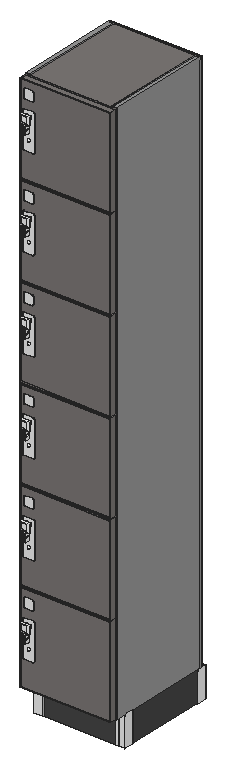
Revit family "Wood_Lockers_Hasps-Salsbury_Industries-46000_Series-1_Wide_Units", category Specialty Equipment, Revit 2023 (continued)
Definition of nested family "Wood Locker Flat Corner Fillers"
  Dimensions and locks (in)
    equal spacing: plane 6 "Front Side", plane 1 "Center (Front/Back)", plane 7 "Back Side"
    equal spacing: plane 5 "Left Side", plane 3 "Center (Left/Right)", plane 4 "Right Side"
    "Width": plane 5 "Left Side" to plane 4 "Right Side"
    "Depth": plane 6 "Front Side" to plane 7 "Back Side"
    "Height": plane 9 "Top Side" to plane 8 "Bottom"
    locked: plane 9 "Top Side" to plane 10 "Wood - Laminate Line" at 0.031
    locked: plane 6 "Front Side" to plane 12 at 3
    locked: plane 5 "Left Side" to plane 11 at 3
    plane 12 to plane 7 "Back Side" = 13.875"
    aligned and locked: level to plane 2
  Automatic sketch dimensions
    Extrusion 2 sketch curve to plane 5 "Left Side" = 0.000"
    plane 6 "Front Side" to Extrusion 2 sketch curve = 0.000"
    Extrusion 2 sketch curve to plane 11 = 0.000"
    Extrusion 2 sketch curve to plane 4 "Right Side" = 0.000"
    Extrusion 2 sketch curve to plane 12 = 0.000"
    plane 7 "Back Side" to Extrusion 2 sketch curve = 0.000"
    Extrusion 1 sketch curve to plane 5 "Left Side" = 0.000"
    plane 7 "Back Side" to Extrusion 1 sketch curve = 0.000"
    Extrusion 1 sketch curve to plane 12 = 0.000"
    Extrusion 1 sketch curve to plane 4 "Right Side" = 0.000"
    plane 6 "Front Side" to Extrusion 1 sketch curve = 0.000"
    Extrusion 1 sketch curve to plane 11 = 0.000"
Definition of nested family "Wood Locker Side Panels-No Slope"
  Parameters (values of type "44330 - 6' H for 15"D Lockers")
    Width = 14.625"
    Visible = yes
    Version = "1.0 (12/15/23)"
    Type Comments = "Side Panel for Premier Wood Lockers without Sloping Hood"
    Model = "44330"
    Manufacturer = "Salsbury Industries"
    Laminate Surface = none
    Height = 72.000"
    Door Trim = none
    Description = "6' H for 15\" D Lockers"
    Depth = 0.750"
    Default Elevation = 0.000"
  Types (6): name | Width | Visible | Version | Type Comments | Model | Manufacturer | Description
    (no name) | 14.625" | yes | "1.0 (12/15/23)" | "Side Panel for Premier Wood Lockers without Sloping Hood" | "44330" | "Salsbury Industries" | "6' H for 15\" D Lockers"
    44330 - 6' H for 15"D Lockers | 14.625" | yes | "1.0 (12/15/23)" | "Side Panel for Premier Wood Lockers without Sloping Hood" | "44330" | "Salsbury Industries" | "6' H for 15\" D Lockers"
    44333 - 6' H for 18" D Lockers | 17.625" | yes | "1.0 (12/15/23)" | "Side Panel for Premier Wood Lockers withouth Sloping Hood" | "44333" | "Salsbury Industries" | "6' H for 18\" D Lockers"
    44335 - 6' H for 21" D Lockers | 20.625" | yes | "1.0 (12/15/23)" | "Side Panel for Premier Wood Lockers without Sloping Hood" | "44335" | "Salsbury Industries" | "6' H for 21\" D Lockers"
    None | 14.000" | no | "" | "" | "" | "" | ""
    44237 - 6' H for 24" D Lockers | 23.625" | yes | "1.0 (12/15/23)" | "Side Panel for Premier Wood Lockers without Sloping Hood" | "44237" | "Salsbury Industries" | "6' H for 21\" D Lockers"
  Reference planes (in)
    plane 1 "Center (Front/Back)": y = 0
    plane 2: z = 0
    plane 3 "Center (Left/Right)": x = 0
    plane 4 "Back": y = 0.375
    plane 5 "Front": y = -0.375
    plane 6 "Left Side": x = -7.3125
    plane 7 "Right Side": x = 7.3125
    plane 8 "Bottom": z = 0
    plane 9 "Top": z = 72
    plane 10 "Center Elevation": z = 36
    plane 11 "Wood - Laminate Edge": y = -0.344
    plane 12 "Right Side of Wood": x = 7.2815
    plane 13 "Left Side of Wood": x = -7.2815
    plane 14 "Top of Wood": z = 71.969
    plane 15 "Bottom of Wood": z = 0.031
  Forms (in)
    Extrusion 1, solid, visible <- "Visible"
      sketch origin (0, 0.375, 0) x (1, 0, 0) y (0, 0, 1)
        loop
          line (7.2815, 71.969) -> (-7.2815, 71.969) -> (-7.2815, 0.031) -> (7.2815, 0.031) -> (7.2815, 71.969)
      from 0 to 0.719
    Extrusion 2, solid, material <- "Laminate Surface", visible <- "Visible"
      sketch origin (0, -0.375, 0) x (1, 0, 0) y (0, 0, 1)
        loop
          line (-7.3125, 72) -> (-7.3125, 0) -> (7.3125, 0) -> (7.3125, 72) -> (-7.3125, 72)
      from -0.031 to 0
    Extrusion 3, solid, material <- "Laminate Surface", visible <- "Visible"
      sketch origin (0, 0, 0) x (1, 0, 0) y (0, 0, 1)
        loop
          line (-7.3125, 0) -> (7.3125, 0) -> (7.3125, 72) -> (-7.3125, 72) -> (-7.3125, 0)
        loop
          line (-7.2815, 0.031) -> (7.2815, 0.031) -> (7.2815, 71.969) -> (-7.2815, 71.969) -> (-7.2815, 0.031)
      from -0.375 to 0.344
  Dimensions and locks (in)
    equal spacing: plane 6 "Left Side", plane 3 "Center (Left/Right)", plane 7 "Right Side"
    plane 5 "Front" to plane 1 "Center (Front/Back)" to plane 4 "Back" = 0.375", 0.375"
    "Width": plane 6 "Left Side" to plane 7 "Right Side"
    "Depth": plane 5 "Front" to plane 4 "Back"
    equal spacing: plane 9 "Top", plane 10 "Center Elevation", plane 8 "Bottom"
    "Height": plane 9 "Top" to plane 8 "Bottom"
    locked: plane 5 "Front" to plane 11 "Wood - Laminate Edge" at 0.031
    locked: plane 15 "Bottom of Wood" to plane 8 "Bottom" at 0.031
    locked: plane 12 "Right Side of Wood" to plane 7 "Right Side" at 0.031
    locked: plane 6 "Left Side" to plane 13 "Left Side of Wood" at 0.031
    locked: plane 9 "Top" to plane 14 "Top of Wood" at 0.031
    aligned and locked: level to plane 2
    aligned and locked: Extrusion 2 sketch curve to plane 7 "Right Side"
    aligned and locked: plane 8 "Bottom" to Extrusion 2 sketch curve
    aligned and locked: plane 6 "Left Side" to Extrusion 2 sketch curve
    aligned and locked: plane 9 "Top" to Extrusion 2 sketch curve
    aligned and locked: Extrusion 3 to plane 4 "Back"
    aligned and locked: plane 11 "Wood - Laminate Edge" to Extrusion 3
  Automatic sketch dimensions
    plane 13 "Left Side of Wood" to Extrusion 1 sketch curve = 0.000"
    plane 12 "Right Side of Wood" to Extrusion 1 sketch curve = 0.000"
    Extrusion 1 sketch curve to plane 15 "Bottom of Wood" = 0.000"
    Extrusion 1 sketch curve to plane 14 "Top of Wood" = 0.000"
    plane 13 "Left Side of Wood" to Extrusion 3 sketch curve = 0.000"
    Extrusion 3 sketch curve to level = 0.000"
    plane 13 "Left Side of Wood" to Extrusion 3 sketch curve = 0.031"
    plane 12 "Right Side of Wood" to Extrusion 3 sketch curve = 0.000"
    plane 7 "Right Side" to Extrusion 3 sketch curve = 0.000"
    Extrusion 3 sketch curve to plane 15 "Bottom of Wood" = 0.000"
    Extrusion 3 sketch curve to plane 14 "Top of Wood" = 0.000"
    Extrusion 3 sketch curve to plane 9 "Top" = 0.000"
Definition of nested family "Wood Locker Side Panels-With Slope"
  Parameters (values of type "33339 - 6' H for 15" D Lockers")
    Width = 14.000"
    Visible = yes
    Version = "1.0 (2/29/16)"
    Type Comments = "Side Panel for Designer Wood Lockers with Sloping Hood"
    Slope Height = 5.233"
    Model = "33339"
    Manufacturer = "Salsbury Industries"
    Laminate Surface = none
    Height = 72.164"
    Door Trim = none
    Description = "6' H for 15\" D Lockers"
    Depth = 0.750"
    Default Elevation = 0.000"
  Types (11): name | Width | Visible | Version | Type Comments | Slope Height | Model | Manufacturer | Height | Description
    (no name) | 14.000" | yes | "1.0 (2/29/16)" | "Side Panel for Designer Wood Lockers with Sloping Hood" | 5.233" | "33339" | "Salsbury Industries" | 72.164" | "6' H for 15\" D Lockers"
    33334 - 6' H  for 18" D Lockers | 17.000" | yes | "1.0 (2/29/16)" | "Side Panel for Designer Wood Lockers with Sloping Hood" | 6.358" | "33334" | "Salsbury Industries" | 72.153" | "6' H for 18\" D Lockers"
    33336 - 6' H for 21" D Lockers | 20.000" | yes | "1.0 (2/29/16)" | "Side Panel for Designer Wood Lockers with Sloping Hood" | 7.483" | "33336" | "Salsbury Industries" | 72.153" | "6' H for 21\" D Lockers"
    22238 - 6' H for 24" D Lockers | 23.000" | yes | "1.0 (2/29/16)" | "Side Panel for Extra Wide Designer Wood Lockers with Sloping Hood" | 8.608" | "22238" | "Salsbury Industries" | 72.153" | "6' H for 24\" D Lockers"
    33309 - 5' H for 15" D Lockers | 14.000" | yes | "1.0 (2/29/16)" | "Side Panel for Designer Wood Lockers with Sloping Hood" | 5.233" | "33309" | "Salsbury Industries" | 60.153" | "5' H for 15\" D Lockers"
    33304 - 5' H for 18" D Lockers | 17.000" | yes | "1.0 (2/29/16)" | "Side Panel for Designer Wood Lockers with Sloping Hood" | 6.358" | "33304" | "Salsbury Industries" | 60.153" | "5' H for 18\" D Lockers"
    33306 - 5' H for 21" D Lockers | 20.000" | yes | "1.0 (2/29/16)" | "Side Panel for Designer Wood Lockers with Sloping Hood" | 7.483" | "33306" | "Salsbury Industries" | 60.153" | "5' H for 21\" D Lockers"
    None | 14.000" | no | "" | "" | 5.500" | "" | "" | 72.000" | ""
    33339 - 6' H for 15" D Lockers | 14.000" | yes | "1.0 (2/29/16)" | "Side Panel for Designer Wood Lockers with Sloping Hood" | 5.233" | "33339" | "Salsbury Industries" | 72.164" | "6' H for 15\" D Lockers"
    22234 - 6' H for 18" D Lockers | 17.000" | yes | "1.0 (2/29/16)" | "Side Panel for Extra Wide Designer Wood Lockers with Sloping Hood" | 6.358" | "22234" | "Salsbury Industries" | 72.153" | "6' H for 18\" D Lockers"
    22236 - 6' H for 21" D Lockers | 20.000" | yes | "1.0 (2/29/16)" | "Side Panel for Extra Wide Designer Wood Lockers with Sloping Hood" | 7.483" | "22236" | "Salsbury Industries" | 72.153" | "6' H for 21\" D Lockers"
  Reference planes (in)
    plane 1 "Center (Front/Back)": y = 0
    plane 2: z = 0
    plane 3 "Center (Left/Right)": x = 0
    plane 4 "Back": y = 0.375
    plane 5 "Front": y = -0.375
    plane 6 "Left Side": x = -7
    plane 7 "Right Side": x = 7
    plane 8 "Bottom": z = 0
    plane 9 "Top": z = 72.164
    plane 10 "Center Elevation": z = 36.082
    plane 11 "Wood - Laminate Edge": y = -0.344
    plane 12 "Right Side of Wood": x = 6.875
    plane 13 "Left Side of Wood": x = -6.875
    plane 14 "Top of Wood": z = 72.039
    plane 15 "Bottom of Wood": z = 0.125
    plane 16: z = 77.397
    plane 17: z = 77.272
  Forms (in)
    Extrusion 1, solid, visible <- "Visible"
      sketch origin (0, 0.375, 0) x (1, 0, 0) y (0, 0, 1)
        loop
          arc (-6.875, 0.25) -> (-6.83839, 0.16161) -> (-6.75, 0.125) r 0.125
          line (-6.75, 0.125) -> (6.75, 0.125)
          arc (6.75, 0.125) -> (6.83839, 0.16161) -> (6.875, 0.25) r 0.125
          line (6.875, 0.25) -> (6.875, 71.914)
          arc (6.875, 71.914) -> (6.86548, 71.96184) -> (6.83839, 72.00239) r 0.125
          line (6.83839, 72.00239) -> (-6.70276, 77.26273)
          arc (-6.70276, 77.26273) -> (-6.81971, 77.25075) -> (-6.875, 77.147) r 0.125
          line (-6.875, 77.147) -> (-6.875, 0.25)
      from 0 to 0.719
    Extrusion 2, solid, material <- "Laminate Surface", visible <- "Visible"
      sketch origin (0, -0.375, 0) x (1, 0, 0) y (0, 0, 1)
        loop
          arc (-6.875, 0.25) -> (-6.83839, 0.16161) -> (-6.75, 0.125) r 0.125
          line (-6.75, 0.125) -> (6.75, 0.125)
          arc (6.75, 0.125) -> (6.83839, 0.16161) -> (6.875, 0.25) r 0.125
          line (6.875, 0.25) -> (6.875, 71.914)
          arc (6.875, 71.914) -> (6.86548, 71.96184) -> (6.83839, 72.00239) r 0.125
          line (6.83839, 72.00239) -> (-6.70276, 77.26273)
          arc (-6.70276, 77.26273) -> (-6.81971, 77.25075) -> (-6.875, 77.147) r 0.125
          line (-6.875, 77.147) -> (-6.875, 0.25)
      from -0.031 to 0
    Sweep 3, solid, material <- "Door Trim", visible <- "Visible"
      path origin (0, -0.375, 0) x (1, 0, 0) y (0, 0, 1)
        loop
          line (-6.875, 77.147) -> (-6.875, 0.25)
          arc (-6.875, 0.25) -> (-6.83839, 0.16161) -> (-6.75, 0.125) r 0.125
          line (-6.75, 0.125) -> (6.75, 0.125)
          arc (6.75, 0.125) -> (6.83839, 0.16161) -> (6.875, 0.25) r 0.125
          line (6.875, 0.25) -> (6.875, 71.914)
          arc (6.875, 71.914) -> (6.86548, 71.96184) -> (6.83839, 72.00239) r 0.125
          line (6.83839, 72.00239) -> (-6.70276, 77.26273)
          arc (-6.70276, 77.26273) -> (-6.81971, 77.25075) -> (-6.875, 77.147) r 0.125
      profile origin (-6.81971, -0.375, 77.25075) x (-0.557711, 0, 0.830035) y (0, -1, 0)
        loop
          line (0, 0) -> (0, -0.75) -> (0.125, -0.75) -> (0.125, 0) -> (0, 0)
  Dimensions and locks (in)
    equal spacing: plane 6 "Left Side", plane 3 "Center (Left/Right)", plane 7 "Right Side"
    plane 5 "Front" to plane 1 "Center (Front/Back)" to plane 4 "Back" = 0.375", 0.375"
    "Width": plane 6 "Left Side" to plane 7 "Right Side"
    "Depth": plane 5 "Front" to plane 4 "Back"
    equal spacing: plane 9 "Top", plane 10 "Center Elevation", plane 8 "Bottom"
    "Height": plane 9 "Top" to plane 8 "Bottom"
    locked: plane 5 "Front" to plane 11 "Wood - Laminate Edge" at 0.031
    locked: plane 15 "Bottom of Wood" to plane 8 "Bottom" at 0.125
    locked: plane 12 "Right Side of Wood" to plane 7 "Right Side" at 0.125
    locked: plane 6 "Left Side" to plane 13 "Left Side of Wood" at 0.125
    locked: plane 9 "Top" to plane 14 "Top of Wood" at 0.125
    "Slope Height": plane 16 to plane 9 "Top"
    locked: plane 16 to plane 17 at 0.125
    aligned and locked: level to plane 2
  Automatic sketch dimensions
    Sweep 3 sketch curve to profile plane = 0.000"
    plane 5 "Front" to Sweep 3 sketch curve = 0.000"
    Sweep 3 sketch curve to Sweep 3 sketch curve = 0.125"  (x3)
    Sweep 3 sketch curve to plane 5 "Front" = 0.750"
    Sweep 3 sketch curve to plane 13 "Left Side of Wood" = 0.000"
    Sweep 3 sketch curve to plane 15 "Bottom of Wood" = 0.000"
    plane 12 "Right Side of Wood" to Sweep 3 sketch curve = 0.000"
    Sweep 3 sketch curve to plane 13 "Left Side of Wood" = 0.125"  (x2)
    plane 17 to Sweep 3 sketch curve = 0.00927"
    Sweep 3 sketch curve to Sweep 3 sketch curve = 0.04724"
    plane 14 "Top of Wood" to Sweep 3 sketch curve = 0.125"
    plane 12 "Right Side of Wood" to Sweep 3 sketch curve = 0.03661"
    plane 13 "Left Side of Wood" to Extrusion 2 sketch curve = 0.000"
    Extrusion 2 sketch curve to plane 15 "Bottom of Wood" = 0.000"
    plane 12 "Right Side of Wood" to Extrusion 2 sketch curve = 0.000"
    Extrusion 2 sketch curve to plane 13 "Left Side of Wood" = 0.125"  (x2)
    plane 17 to Extrusion 2 sketch curve = 0.00927"
    Extrusion 2 sketch curve to Extrusion 2 sketch curve = 0.04724"
    Extrusion 2 sketch curve to Extrusion 2 sketch curve = 0.125"  (x2)
    plane 12 "Right Side of Wood" to Extrusion 2 sketch curve = 0.03661"
    plane 14 "Top of Wood" to Extrusion 2 sketch curve = 0.125"
    plane 13 "Left Side of Wood" to Extrusion 1 sketch curve = 0.000"
    Extrusion 1 sketch curve to plane 15 "Bottom of Wood" = 0.000"
    plane 12 "Right Side of Wood" to Extrusion 1 sketch curve = 0.000"
    Extrusion 1 sketch curve to plane 13 "Left Side of Wood" = 0.125"  (x2)
    plane 17 to Extrusion 1 sketch curve = 0.00927"
    Extrusion 1 sketch curve to Extrusion 1 sketch curve = 0.04724"
    plane 12 "Right Side of Wood" to Extrusion 1 sketch curve = 0.125"
    Extrusion 1 sketch curve to Extrusion 1 sketch curve = 0.125"
    plane 12 "Right Side of Wood" to Extrusion 1 sketch curve = 0.03661"
    plane 14 "Top of Wood" to Extrusion 1 sketch curve = 0.125"
Definition of nested family "Wood Locker Double Side Panels-No Slope"
  Parameters (values of type "44330DE - 6' H for 15"D Lockers")
    Width = 29.250"
    Visible = yes
    Version = "1.0 (12/15/23)"
    Type Comments = "Double End Panel for Premier Wood Lockers"
    Model = "44330DE"
    Manufacturer = "Salsbury Industries"
    Laminate Surface = none
    Height = 72.000"
    Door Trim = none
    Description = "For 6' H x 15\" D without Sloping Hood"
    Depth = 0.750"
    Default Elevation = 0.000"
  Types (6): name | Width | Visible | Version | Type Comments | Model | Manufacturer | Description
    (no name) | 29.250" | yes | "1.0 (12/15/23)" | "Double End Panel for Premier Wood Lockers" | "44330DE" | "Salsbury Industries" | "For 6' H x 15\" D without Sloping Hood"
    44330DE - 6' H for 15"D Lockers | 29.250" | yes | "1.0 (12/15/23)" | "Double End Panel for Premier Wood Lockers" | "44330DE" | "Salsbury Industries" | "For 6' H x 15\" D without Sloping Hood"
    44333DE - 6' H for 18" D Lockers | 35.250" | yes | "1.0 (12/15/23)" | "Double End Panel for Premier Wood Lockers" | "44333DE" | "Salsbury Industries" | "For 6' H x 18\" D without Sloping Hood"
    44335DE - 6' H for 21" D Lockers | 41.250" | yes | "1.0 (12/15/23)" | "Double End Panel for Premier Wood Lockers" | "44335DE" | "Salsbury Industries" | "For 6' H x 21\" D without Sloping Hood"
    None | 14.000" | no | "" | "" | "" | "" | ""
    44237DE - 6' H for 24" D Lockers | 47.250" | yes | "1.0 (12/15/23)" | "Double End Panel for Premier Wood Lockers" | "44237DE" | "Salsbury Industries" | "For 6' H x 21\" D without Sloping Hood"
  Reference planes (in)
    plane 1 "Center (Front/Back)": y = 0
    plane 2: z = 0
    plane 3 "Center (Left/Right)": x = 0
    plane 4 "Back": y = 0.375
    plane 5 "Front": y = -0.375
    plane 6 "Left Side": x = -14.625
    plane 7 "Right Side": x = 14.625
    plane 8 "Bottom": z = 0
    plane 9 "Top": z = 72
    plane 10 "Center Elevation": z = 36
    plane 11 "Wood - Laminate Edge": y = -0.344
    plane 12 "Right Side of Wood": x = 14.594
    plane 13 "Left Side of Wood": x = -14.594
    plane 14 "Top of Wood": z = 71.969
    plane 15 "Bottom of Wood": z = 0.031
  Forms (in)
    Extrusion 1, solid, visible <- "Visible"
      sketch origin (0, 0.375, 0) x (1, 0, 0) y (0, 0, 1)
        loop
          line (14.594, 71.969) -> (-14.594, 71.969) -> (-14.594, 0.031) -> (14.594, 0.031) -> (14.594, 71.969)
      from 0 to 0.719
    Extrusion 2, solid, material <- "Laminate Surface", visible <- "Visible"
      sketch origin (0, -0.375, 0) x (1, 0, 0) y (0, 0, 1)
        loop
          line (-14.625, 72) -> (-14.625, 0) -> (14.625, 0) -> (14.625, 72) -> (-14.625, 72)
      from -0.031 to 0
    Extrusion 3, solid, material <- "Laminate Surface", visible <- "Visible"
      sketch origin (0, 0, 0) x (1, 0, 0) y (0, 0, 1)
        loop
          line (-14.625, 0) -> (14.625, 0) -> (14.625, 72) -> (-14.625, 72) -> (-14.625, 0)
        loop
          line (14.594, 71.969) -> (-14.594, 71.969) -> (-14.594, 0.031) -> (14.594, 0.031) -> (14.594, 71.969)
      from -0.375 to 0.344
  Dimensions and locks (in)
    equal spacing: plane 6 "Left Side", plane 3 "Center (Left/Right)", plane 7 "Right Side"
    plane 5 "Front" to plane 1 "Center (Front/Back)" to plane 4 "Back" = 0.375", 0.375"
    "Width": plane 6 "Left Side" to plane 7 "Right Side"
    "Depth": plane 5 "Front" to plane 4 "Back"
    equal spacing: plane 9 "Top", plane 10 "Center Elevation", plane 8 "Bottom"
    "Height": plane 9 "Top" to plane 8 "Bottom"
    locked: plane 5 "Front" to plane 11 "Wood - Laminate Edge" at 0.031
    locked: plane 15 "Bottom of Wood" to plane 8 "Bottom" at 0.031
    plane 12 "Right Side of Wood" to plane 7 "Right Side" = 0.031"
    locked: plane 6 "Left Side" to plane 13 "Left Side of Wood" at 0.031
    locked: plane 9 "Top" to plane 14 "Top of Wood" at 0.031
    aligned and locked: level to plane 2
    aligned and locked: plane 8 "Bottom" to Extrusion 2 sketch curve
    aligned and locked: plane 6 "Left Side" to Extrusion 2 sketch curve
    aligned and locked: Extrusion 2 sketch curve to plane 7 "Right Side"
    aligned and locked: plane 9 "Top" to Extrusion 2 sketch curve
    aligned and locked: Extrusion 3 to plane 4 "Back"
    aligned and locked: plane 11 "Wood - Laminate Edge" to Extrusion 3
  Automatic sketch dimensions
    plane 13 "Left Side of Wood" to Extrusion 1 sketch curve = 0.000"
    plane 12 "Right Side of Wood" to Extrusion 1 sketch curve = 0.000"
    Extrusion 1 sketch curve to plane 15 "Bottom of Wood" = 0.000"
    Extrusion 1 sketch curve to plane 14 "Top of Wood" = 0.000"
    Extrusion 3 sketch curve to level = 0.000"
    plane 6 "Left Side" to Extrusion 3 sketch curve = 0.000"
    plane 7 "Right Side" to Extrusion 3 sketch curve = 0.000"
    Extrusion 3 sketch curve to plane 9 "Top" = 0.000"
    plane 13 "Left Side of Wood" to Extrusion 3 sketch curve = 0.000"
    Extrusion 3 sketch curve to plane 15 "Bottom of Wood" = 0.000"
    Extrusion 3 sketch curve to plane 14 "Top of Wood" = 0.000"
    plane 12 "Right Side of Wood" to Extrusion 3 sketch curve = 0.000"
Definition of nested family "Wood Locker Double Side Panels-With Slope"
  Parameters (values of type "44339DE - 6' H for 15"D Lockers")
    Width = 29.250"
    Visible = yes
    Version = "1.0 (12/15/23)"
    Type Comments = "Double End Panel for Premier Wood Lockers"
    Slope Height = 5.681"
    Model = "44339DE"
    Manufacturer = "Salsbury Industries"
    Laminate Surface = none
    Height = 72.062"
    Door Trim = none
    Description = "For 6' H x 15\" D Lockers with Sloping Hood"
    Depth = 0.750"
    Default Elevation = 0.000"
  Types (6): name | Width | Visible | Version | Type Comments | Slope Height | Model | Manufacturer | Height | Description
    (no name) | 29.250" | yes | "1.0 (12/15/23)" | "Double End Panel for Premier Wood Lockers" | 5.681" | "44339DE" | "Salsbury Industries" | 72.062" | "For 6' H x 15\" D Lockers with Sloping Hood"
    44339DE - 6' H for 15"D Lockers | 29.250" | yes | "1.0 (12/15/23)" | "Double End Panel for Premier Wood Lockers" | 5.681" | "44339DE" | "Salsbury Industries" | 72.062" | "For 6' H x 15\" D Lockers with Sloping Hood"
    44334DE - 6' H  for 18" D Lockers | 35.250" | yes | "1.0 (12/15/23)" | "Double End Panel for Premier Wood Lockers" | 6.806" | "44334DE" | "Salsbury Industries" | 72.062" | "For 6' H x 18\" D Lockers with Sloping Hood"
    44336DE - 6' H for 21" D Lockers | 41.250" | yes | "1.0 (12/15/23)" | "Double End Panel for Premier Wood Lockers" | 7.931" | "44336DE" | "Salsbury Industries" | 72.062" | "For 6' H x 21\" D Lockers with Sloping Hood"
    None | 14.000" | no | "" | "" | 5.500" | "" | "" | 72.000" | ""
    44238DE - 6' H for 24" D Lockers | 47.250" | yes | "1.0 (12/15/23)" | "Double End Panel for Premier Wood Lockers" | 8.895" | "442386DE" | "Salsbury Industries" | 72.153" | "For 6' H x 21\" D Lockers with Sloping Hood"
  Reference planes (in)
    plane 1 "Center (Front/Back)": y = 0
    plane 2: z = 0
    plane 3 "Center (Left/Right)": x = 0
    plane 4 "Back": y = 0.375
    plane 5 "Front": y = -0.375
    plane 6 "Left Side": x = -14.625
    plane 7 "Right Side": x = 14.625
    plane 8 "Bottom": z = 0
    plane 9 "Top": z = 72.062
    plane 10 "Center Elevation": z = 36.031
    plane 11 "Wood - Laminate Edge": y = -0.344
    plane 12 "Right Side of Wood": x = 14.594
    plane 13 "Left Side of Wood": x = -14.594
    plane 14 "Top of Wood": z = 71.937
    plane 15 "Bottom of Wood": z = 0.125
    plane 16: z = 77.743
    plane 17: z = 77.712
  Forms (in)
    Extrusion 1, solid, visible <- "Visible"
      sketch origin (0, 0.375, 0) x (1, 0, 0) y (0, 0, 1)
        loop
          line (14.594, 72.031) -> (0, 77.712) -> (-14.594, 72.031) -> (-14.594, 0) -> (14.594, 0) -> (14.594, 72.031)
      from 0 to 0.719
    Extrusion 2, solid, material <- "Laminate Surface", visible <- "Visible"
      sketch origin (0, -0.375, 0) x (1, 0, 0) y (0, 0, 1)
        loop
          line (14.625, 0) -> (14.625, 72.062) -> (0, 77.743) -> (-14.625, 72.062) -> (-14.625, 0) -> (14.625, 0)
      from -0.031 to 0
    Extrusion 3, solid, material <- "Laminate Surface", visible <- "Visible"
      sketch origin (0, 0.375, 0) x (1, 0, 0) y (0, 0, 1)
        loop
          line (14.625, 0) -> (14.625, 72.062) -> (0, 77.743) -> (-14.625, 72.062) -> (-14.625, 0) -> (-14.594, 0) -> (-14.594, 72.031) -> (0, 77.712) -> (14.594, 72.031) -> (14.594, 0) -> (14.625, 0)
      from 0 to 0.719
  Dimensions and locks (in)
    equal spacing: plane 6 "Left Side", plane 3 "Center (Left/Right)", plane 7 "Right Side"
    plane 5 "Front" to plane 1 "Center (Front/Back)" to plane 4 "Back" = 0.375", 0.375"
    "Width": plane 6 "Left Side" to plane 7 "Right Side"
    "Depth": plane 5 "Front" to plane 4 "Back"
    equal spacing: plane 9 "Top", plane 10 "Center Elevation", plane 8 "Bottom"
    "Height": plane 9 "Top" to plane 8 "Bottom"
    locked: plane 5 "Front" to plane 11 "Wood - Laminate Edge" at 0.031
    locked: plane 15 "Bottom of Wood" to plane 8 "Bottom" at 0.125
    locked: plane 12 "Right Side of Wood" to plane 7 "Right Side" at 0.031
    locked: plane 6 "Left Side" to plane 13 "Left Side of Wood" at 0.031
    locked: plane 9 "Top" to plane 14 "Top of Wood" at 0.125
    "Slope Height": plane 16 to plane 9 "Top"
    locked: plane 16 to plane 17 at 0.031
    aligned and locked: level to plane 2
    aligned and locked: Extrusion 3 to plane 4 "Back"
    aligned and locked: plane 11 "Wood - Laminate Edge" to Extrusion 3
  Automatic sketch dimensions
    plane 6 "Left Side" to Extrusion 2 sketch curve = 0.000"
    Extrusion 2 sketch curve to plane 3 "Center (Left/Right)" = 0.000"
    plane 7 "Right Side" to Extrusion 2 sketch curve = 0.000"
    Extrusion 2 sketch curve to level = 0.000"
    Extrusion 2 sketch curve to plane 9 "Top" = 0.000"  (x2)
    Extrusion 2 sketch curve to plane 16 = 0.000"
    Extrusion 1 sketch curve to level = 0.000"
    plane 13 "Left Side of Wood" to Extrusion 1 sketch curve = 0.000"
    Extrusion 1 sketch curve to plane 3 "Center (Left/Right)" = 0.000"
    plane 12 "Right Side of Wood" to Extrusion 1 sketch curve = 0.000"
    Extrusion 1 sketch curve to plane 17 = 0.000"
    plane 9 "Top" to Extrusion 1 sketch curve = 0.031"  (x2)
    Extrusion 3 sketch curve to level = 0.000"  (x2)
    plane 6 "Left Side" to Extrusion 3 sketch curve = 0.000"
    plane 13 "Left Side of Wood" to Extrusion 3 sketch curve = 0.000"
    Extrusion 3 sketch curve to plane 3 "Center (Left/Right)" = 0.000"  (x2)
    plane 12 "Right Side of Wood" to Extrusion 3 sketch curve = 0.000"
    plane 7 "Right Side" to Extrusion 3 sketch curve = 0.000"
    Extrusion 3 sketch curve to plane 9 "Top" = 0.000"  (x2)
    plane 9 "Top" to Extrusion 3 sketch curve = 0.031"  (x2)
    Extrusion 3 sketch curve to plane 17 = 0.000"
    Extrusion 3 sketch curve to plane 16 = 0.000"
Definition of nested family "Wood Locker Front Fillers"
  Parameters (values of type "44469 - 9" W for 6' H Lockers without Base")
    Width = 9.000"
    Visible Base = no
    Visible = yes
    Version = "1.0 (1/31/24)"
    Type Comments = "Front Vertical Filler for Premier Wood Lockers"
    Model = "44469"
    Manufacturer = "Salsbury Industries"
    Laminate Surface = none
    Height = 72.000"
    Description = "For 6' H Lockers"
    Depth = 0.750"
    Default Elevation = 0.000"
    Base Height = 0.000"
  Types (6): name | Width | Visible Base | Visible | Version | Type Comments | Model | Manufacturer | Description | Base Height
    (no name) | 9.000" | no | yes | "1.0 (1/31/24)" | "Front Vertical Filler for Premier Wood Lockers" | "44469" | "Salsbury Industries" | "For 6' H Lockers" | 0.000"
    44467 - 15"W for 6' H Lockers with Base | 15.000" | yes | yes | "1.0 (01/31/24)" | "Front Vertical Filler for Premier Wood Lockers" | "444367" | "Salsbury Industries" | "For 6' H Lockers" | 4.000"
    None | 15.000" | no | no | "" | "" | "" | "" | "" | 4.000"
    44469 - 9" W for 6' H Lockers with Base | 9.000" | yes | yes | "1.0 (01/31/24)" | "Front Vertical Filler for Premier Wood Lockers" | "44469" | "Salsbury Industries" | "For 6' H Lockers" | 4.000"
    44467 - 15" W for 6'H Lockers without Base | 15.000" | no | yes | "1.0 (01/31/24)" | "Front Vertical Filler for Premier Wood Lockers" | "44467" | "Salsbury Industries" | "For 6' H Lockers" | 0.000"
    44469 - 9" W for 6' H Lockers without Base | 9.000" | no | yes | "1.0 (1/31/24)" | "Front Vertical Filler for Premier Wood Lockers" | "44469" | "Salsbury Industries" | "For 6' H Lockers" | 0.000"
  Reference planes (in)
    plane 1 "Center (Front/Back)": y = 0
    plane 2: z = 0
    plane 3 "Center (Left/Right)": x = 0
    plane 4 "Back": y = 0.375
    plane 5 "Front": y = -0.375
    plane 6 "Left Side": x = -4.5
    plane 7 "Right Side": x = 4.5
    plane 8 "Bottom": z = 0
    plane 9 "Top": z = 72
    plane 10 "Center Elevation": z = 36
    plane 11 "Wood - Laminate Edge": y = -0.344
    plane 12 "Right Side of Wood": x = 4.375
    plane 13 "Left Side of Wood": x = -4.375
    plane 14 "Top of Wood": z = 71.875
    plane 15 "Bottom of Wood": z = 0.125
    plane 16 "Front of Base Filler": y = 1
  Forms (in)
    Extrusion 1, solid, visible <- "Visible"
      sketch origin (0, 0.375, 0) x (1, 0, 0) y (0, 0, 1)
        loop
          line (4.5, 72) -> (-4.5, 72) -> (-4.5, 0) -> (4.5, 0) -> (4.5, 72)
      from 0 to 0.719
    Extrusion 2, solid, material <- "Laminate Surface", visible <- "Visible"
      sketch origin (0, -0.375, 0) x (1, 0, 0) y (0, 0, 1)
        loop
          line (-4.5, 72) -> (-4.5, 0) -> (4.5, 0) -> (4.5, 72) -> (-4.5, 72)
      from -0.031 to 0
    Extrusion 3, solid, visible <- "Visible Base"
      sketch origin (0, 0, 0) x (1, 0, 0) y (0, 1, 0)
        loop
          line (-4.5, 1.75) -> (-4.5, 0.375) -> (4.5, 0.375) -> (4.5, 1.75) -> (-4.5, 1.75)
      from 0 to 0.75
    Extrusion 4, solid, visible <- "Visible Base"
      sketch origin (0, 0, 0) x (1, 0, 0) y (0, 1, 0)
        loop
          line (-4.5, 1.75) -> (-4.5, 1) -> (4.5, 1) -> (4.5, 1.75) -> (-4.5, 1.75)
      from 0 to -4
  Dimensions and locks (in)
    equal spacing: plane 6 "Left Side", plane 3 "Center (Left/Right)", plane 7 "Right Side"
    plane 5 "Front" to plane 1 "Center (Front/Back)" to plane 4 "Back" = 0.375", 0.375"
    "Width": plane 6 "Left Side" to plane 7 "Right Side"
    "Depth": plane 5 "Front" to plane 4 "Back"
    equal spacing: plane 9 "Top", plane 10 "Center Elevation", plane 8 "Bottom"
    locked: plane 5 "Front" to plane 11 "Wood - Laminate Edge" at 0.031
    locked: plane 15 "Bottom of Wood" to plane 8 "Bottom" at 0.125
    locked: plane 12 "Right Side of Wood" to plane 7 "Right Side" at 0.125
    locked: plane 6 "Left Side" to plane 13 "Left Side of Wood" at 0.125
    locked: plane 9 "Top" to plane 14 "Top of Wood" at 0.125
    locked: plane 5 "Front" to plane 16 "Front of Base Filler" at 1.375
    "Base Height": plane 8 "Bottom" to plane 2
    "Height": plane 9 "Top" to plane 8 "Bottom"
    aligned and locked: level to plane 2
    aligned and locked: plane 8 "Bottom" to Extrusion 1
  Automatic sketch dimensions
    plane 6 "Left Side" to Extrusion 1 sketch curve = 0.000"
    plane 7 "Right Side" to Extrusion 1 sketch curve = 0.000"
    level to Extrusion 1 sketch curve = 0.000"
    Extrusion 1 sketch curve to plane 9 "Top" = 0.000"
    plane 6 "Left Side" to Extrusion 2 sketch curve = 0.000"
    plane 7 "Right Side" to Extrusion 2 sketch curve = 0.000"
    plane 15 "Bottom of Wood" to Extrusion 2 sketch curve = 0.125"
    Extrusion 2 sketch curve to plane 9 "Top" = 0.000"
    plane 4 "Back" to Extrusion 3 sketch curve = 0.000"
    Extrusion 3 sketch curve to plane 6 "Left Side" = 0.000"
    Extrusion 3 sketch curve to plane 7 "Right Side" = 0.000"
    Extrusion 3 sketch curve to plane 16 "Front of Base Filler" = 0.750"
    Extrusion 4 sketch curve to plane 6 "Left Side" = 0.000"
    Extrusion 4 sketch curve to plane 7 "Right Side" = 0.000"
    plane 16 "Front of Base Filler" to Extrusion 4 sketch curve = 0.000"
    Extrusion 4 sketch curve to plane 16 "Front of Base Filler" = 0.750"
Definition of nested family "Wood Locker Front Corner Filler"
  Parameters (values of type "44464 - for 6' H Lockers with Base")
    Width = 2.250"
    Visible Base = yes
    Visible = yes
    Version = "1.0 (12/15/23)"
    Type Comments = "Front Vertical Corner Filler for Designer Wood Lockers"
    Primary Structure Materials = none
    Model = "44464"
    Manufacturer = "Salsbury Industries"
    Laminate Surface = none
    Height = 72.000"
    Description = "For 6' H Lockers"
    Depth = 0.750"
    Default Elevation = 0.000"
    Base Primary Materials = none
    Base Height = 4.000"
  Types (3): name | Visible Base | Visible | Version | Type Comments | Model | Manufacturer | Description | Base Height
    None | no | no | "" | "" | "" | "" | "" | 4.000"
    44464 - for 6'H Lockers without Base | no | yes | "1.0 (12/15/23)" | "Front Vertical Corner Filler for Designer Wood Lockers" | "44464" | "Salsbury Industries" | "For 6' H Lockers" | 0.000"
    44464 - for 6' H Lockers with Base | yes | yes | "1.0 (12/15/23)" | "Front Vertical Corner Filler for Designer Wood Lockers" | "44464" | "Salsbury Industries" | "For 6' H Lockers" | 4.000"
  Reference planes (in)
    plane 1 "Center (Front/Back)": y = 0
    plane 2 "Bottom of Base": z = 0
    plane 3 "Center (Left/Right)": x = 0
    plane 4 "Back": y = 0.375
    plane 5 "Front": y = -0.375
    plane 6 "Left Side": x = -1.125
    plane 7 "Right Side": x = 1.125
    plane 8 "Bottom": z = 4
    plane 9 "Top": z = 76
    plane 10 "Center Elevation": z = 40
    plane 11 "Wood - Laminate Edge": y = -0.344
    plane 12 "Right Side of Wood": x = 1
    plane 13 "Left Side of Wood": x = -1
    plane 14 "Top of Wood": z = 75.875
    plane 15 "Bottom of Wood": z = 4.125
    plane 16 "Front of Base Filler": y = 1
  Forms (in)
    Extrusion 1, solid, material <- "Primary Structure Materials", visible <- "Visible"
      sketch origin (0, 0.375, 0) x (1, 0, 0) y (0, 0, 1)
        loop
          line (1.125, 76) -> (-1.156, 76) -> (-1.156, 4) -> (1.125, 4) -> (1.125, 76)
      from 0 to 0.719
    Extrusion 2, solid, material <- "Laminate Surface", visible <- "Visible"
      sketch origin (0, -0.375, 0) x (1, 0, 0) y (0, 0, 1)
        loop
          line (-1.125, 76) -> (-1.125, 4) -> (1.125, 4) -> (1.125, 76) -> (-1.125, 76)
      from -0.031 to 0
    Extrusion 3, solid, material <- "Primary Structure Materials", visible <- "Visible"
      sketch origin (-1.875, -1.5, 0) x (0, 1, 0) y (0, 0, 1)
        loop
          line (1.875, 76) -> (-1.125, 76) -> (-1.125, 4) -> (1.875, 4) -> (1.875, 76)
      from 0 to 0.719
    Extrusion 4, solid, material <- "Laminate Surface", visible <- "Visible"
      sketch origin (-1.125, -1.5, 0) x (0, 1, 0) y (0, 0, 1)
        loop
          line (-1.125, 76) -> (-1.125, 4) -> (1.156, 4) -> (1.156, 76) -> (-1.125, 76)
      from -0.031 to 0
    Extrusion 5, solid, material <- "Base Primary Materials", visible <- "Visible Base"
      sketch origin (0, 0, 0) x (1, 0, 0) y (0, 1, 0)
        loop
          line (-3.25, 1.75) -> (-3.25, -2.625) -> (-1.875, -2.625) -> (-1.875, 1.75) -> (-3.25, 1.75)
      from 4 to 4.75
    Extrusion 6, solid, material <- "Base Primary Materials", visible <- "Visible Base"
      sketch origin (0, 0, 0) x (1, 0, 0) y (0, 1, 0)
        loop
          line (-1.875, 1.75) -> (-1.875, 0.375) -> (1.125, 0.375) -> (1.125, 1.75) -> (-1.875, 1.75)
      from 4 to 4.75
    Extrusion 7, solid, material <- "Base Primary Materials", visible <- "Visible Base"
      sketch origin (0, 0, 0) x (1, 0, 0) y (0, 1, 0)
        loop
          line (1.125, 1.75) -> (-2.43407, 1.75) -> (-2.43407, 1) -> (1.125, 1) -> (1.125, 1.75)
      from 0 to 4
    Extrusion 8, solid, material <- "Base Primary Materials", visible <- "Visible Base"
      sketch origin (0, 0, 0) x (1, 0, 0) y (0, 1, 0)
        loop
          line (-3.25, 1.75) -> (-3.25, -2.625) -> (-2.43407, -2.625) -> (-2.43407, 1.75) -> (-3.25, 1.75)
      from 0 to 4
  Dimensions and locks (in)
    equal spacing: plane 6 "Left Side", plane 3 "Center (Left/Right)", plane 7 "Right Side"
    plane 5 "Front" to plane 1 "Center (Front/Back)" to plane 4 "Back" = 0.375", 0.375"
    "Width": plane 6 "Left Side" to plane 7 "Right Side"
    "Depth": plane 5 "Front" to plane 4 "Back"
    equal spacing: plane 9 "Top", plane 10 "Center Elevation", plane 8 "Bottom"
    "Height": plane 9 "Top" to plane 8 "Bottom"
    locked: plane 5 "Front" to plane 11 "Wood - Laminate Edge" at 0.031
    locked: plane 15 "Bottom of Wood" to plane 8 "Bottom" at 0.125
    locked: plane 12 "Right Side of Wood" to plane 7 "Right Side" at 0.125
    locked: plane 6 "Left Side" to plane 13 "Left Side of Wood" at 0.125
    locked: plane 9 "Top" to plane 14 "Top of Wood" at 0.125
    locked: plane 5 "Front" to plane 16 "Front of Base Filler" at 1.375
    "Base Height": plane 8 "Bottom" to plane 2 "Bottom of Base"
    aligned and locked: level to plane 2 "Bottom of Base"
    aligned and locked: plane 8 "Bottom" to Extrusion 1
    aligned and locked: Extrusion 7 to Extrusion 5
    aligned and locked: Extrusion 8 to Extrusion 5
    aligned and locked: Extrusion 7 to Extrusion 8
  Automatic sketch dimensions
    Extrusion 1 sketch curve to plane 9 "Top" = 0.000"
    Extrusion 1 sketch curve to plane 8 "Bottom" = 0.000"
    plane 7 "Right Side" to Extrusion 1 sketch curve = 0.000"
    plane 6 "Left Side" to Extrusion 1 sketch curve = 0.031"
    plane 6 "Left Side" to Extrusion 2 sketch curve = 0.000"
    plane 7 "Right Side" to Extrusion 2 sketch curve = 0.000"
    Extrusion 2 sketch curve to plane 8 "Bottom" = 0.000"
    Extrusion 2 sketch curve to plane 9 "Top" = 0.000"
    plane 9 "Top" to Extrusion 3 sketch curve = 0.000"
    plane 8 "Bottom" to Extrusion 3 sketch curve = 0.000"
    Extrusion 3 sketch curve to plane 4 "Back" = 0.000"
    plane 5 "Front" to Extrusion 3 sketch curve = 2.250"
    plane 8 "Bottom" to Extrusion 4 sketch curve = 0.000"
    plane 9 "Top" to Extrusion 4 sketch curve = 0.000"
    Extrusion 4 sketch curve to plane 11 "Wood - Laminate Edge" = 0.000"
    plane 5 "Front" to Extrusion 4 sketch curve = 2.250"
    plane 6 "Left Side" to Extrusion 5 sketch curve = 2.125"
    plane 6 "Left Side" to Extrusion 5 sketch curve = 0.750"
    plane 5 "Front" to Extrusion 5 sketch curve = 2.250"
    Extrusion 5 sketch curve to plane 16 "Front of Base Filler" = 0.750"
    plane 16 "Front of Base Filler" to Extrusion 7 sketch curve = 0.000"
    Extrusion 7 sketch curve to plane 7 "Right Side" = 0.000"
    plane 6 "Left Side" to Extrusion 7 sketch curve = 1.30907"
    Extrusion 7 sketch curve to plane 16 "Front of Base Filler" = 0.750"
    plane 6 "Left Side" to Extrusion 8 sketch curve = 2.125"
    Extrusion 8 sketch curve to Extrusion 8 sketch curve = 0.81593"
    plane 5 "Front" to Extrusion 8 sketch curve = 2.250"
    Extrusion 8 sketch curve to plane 16 "Front of Base Filler" = 0.750"
    plane 4 "Back" to Extrusion 6 sketch curve = 0.000"
    Extrusion 6 sketch curve to plane 7 "Right Side" = 0.000"
    plane 6 "Left Side" to Extrusion 6 sketch curve = 0.750"
    Extrusion 6 sketch curve to plane 16 "Front of Base Filler" = 0.750"
Definition of nested family "Wood Locker Sloping In-Line Fillers"
  Parameters (values of type "44481 - 15" W for 21" D Lockers")
    Width = 15.000"
    Visible = yes
    Version = "1.0 (12/15/23)"
    Type Comments = "Sloping Hood In-Line Filler for Premier Wood Lockers"
    Model = "44481"
    Manufacturer = "Salsbury Industries"
    Laminate Surface = none
    Height = 7.993"
    Description = "For 21\" D Lockers"
    Depth = 20.625"
    Default Elevation = 0.000"
  Types (10): name | Width | Visible | Version | Type Comments | Model | Manufacturer | Height | Description | Depth
    (no name) | 15.000" | yes | "1.0 (12/15/23)" | "Sloping Hood In-Line Filler for Premier Wood Lockers" | "44481" | "Salsbury Industries" | 7.993" | "For 21\" D Lockers" | 20.625"
    44487 - 15" W for 15" D Lockers | 15.000" | yes | "1.0 (12/15/23)" | "Sloping Hood In-Line Filler for Premier Wood Lockers" | "44487" | "Salsbury Industries" | 5.743" | "For 15\" D Lockers" | 14.625"
    44488 - 15" W for 18" D Lockers | 15.000" | yes | "1.0 (12/15/23)" | "Sloping Hood In-Line Filler for Premier Wood Lockers" | "44488" | "Salsbury Industries" | 6.868" | "For 18\" D Lockers" | 17.625"
    44481 - 15" W for 21" D Lockers | 15.000" | yes | "1.0 (12/15/23)" | "Sloping Hood In-Line Filler for Premier Wood Lockers" | "44481" | "Salsbury Industries" | 7.993" | "For 21\" D Lockers" | 20.625"
    None | 12.000" | no | "" | "" | "" | "" | 5.500" | "" | 14.000"
    44489 - 15" W for 24" D Lockers | 15.000" | yes | "1.0 (12/15/23)" | "Sloping Hood In-Line Filler for Premier Wood Lockers" | "44489" | "Salsbury Industries" | 8.875" | "For 24\" D Lockers" | 23.000"
    44488 - 9" W for 18" D Lockers | 9.000" | yes | "1.0 (12/15/23)" | "Sloping Hood In-Line Filler for Premier Wood Lockers" | "44488" | "Salsbury Industries" | 6.868" | "For 18\" D Lockers" | 17.625"
    44487 - 9" W for 15" D Lockers | 9.000" | yes | "1.0 (12/15/23)" | "Sloping Hood In-Line Filler for Premier Wood Lockers" | "44487" | "Salsbury Industries" | 5.743" | "For 15\" D Lockers" | 14.625"
    44481 - 9" W for 21" D Lockers | 9.000" | yes | "1.0 (12/15/23)" | "Sloping Hood In-Line Filler for Premier Wood Lockers" | "44481" | "Salsbury Industries" | 7.750" | "For 21\" D Lockers" | 20.000"
    44489 - 9" W for 24" D Lockers | 9.000" | yes | "1.0 (12/15/23)" | "Sloping Hood In-Line Filler for Premier Wood Lockers" | "44489" | "Salsbury Industries" | 8.875" | "For 24\" D Lockers" | 23.000"
  Reference planes (in)
    plane 1 "Center (Front/Back)": y = 0
    plane 2: z = 0
    plane 3 "Center (Left/Right)": x = 0
    plane 4 "Front of Hood": y = -10.3125
    plane 5 "Back of Hood": y = 10.3125
    plane 6 "Right Side of Hood": x = 7.5
    plane 7 "Left Side of Hood": x = -7.5
    plane 8 "Bottom of Hood": z = 0
    plane 9 "Top of Hood": z = 7.993
    plane 10: x = 6.75
    plane 11: x = -6.75
    plane 12: y = -10.2815
    plane 13: y = -9.5625
    plane 14: z = 7.962
    plane 15: z = 7.243
    plane 16: z = 0.062
    plane 17: z = 0.75
  Forms (in)
    Extrusion 1, solid, visible <- "Visible"
      sketch origin (0, 0, 0) x (0, 1, 0) y (0, 0, 1)
        loop
          line (-8.47273, 0) -> (10.3125, 7.243) -> (10.3125, 7.962) -> (-10.23269, 0.062) -> (-10.2815, 0.062) -> (-10.2815, 0) -> (-8.47273, 0)
      from -7.5 to 7.5
    Extrusion 2, solid, material <- "Laminate Surface", visible <- "Visible"
      sketch origin (0, 0, 0) x (0, 1, 0) y (0, 0, 1)
        loop
          line (-10.3125, 0.062) -> (-10.3125, 0) -> (-10.2815, 0) -> (-10.2815, 0.062) -> (-10.3125, 0.062)
      from -7.5 to 7.5
    Extrusion 3, solid, material <- "Laminate Surface", visible <- "Visible"
      sketch origin (0, 0, 0) x (0, 1, 0) y (0, 0, 1)
        loop
          line (10.3125, 7.993) -> (-10.3125, 0.062) -> (-10.23269, 0.062) -> (10.3125, 7.962) -> (10.3125, 7.993)
      from -7.5 to 7.5
  Dimensions and locks (in)
    equal spacing: plane 7 "Left Side of Hood", plane 3 "Center (Left/Right)", plane 6 "Right Side of Hood"
    "Width": plane 7 "Left Side of Hood" to plane 6 "Right Side of Hood"
    equal spacing: plane 4 "Front of Hood", plane 1 "Center (Front/Back)", plane 5 "Back of Hood"
    "Depth": plane 4 "Front of Hood" to plane 5 "Back of Hood"
    "Height": plane 9 "Top of Hood" to plane 8 "Bottom of Hood"
    plane 7 "Left Side of Hood" to plane 11 = 0.750"
    plane 10 to plane 6 "Right Side of Hood" = 0.750"
    plane 4 "Front of Hood" to plane 12 to plane 13 = 0.031" locked, 0.719" locked
    plane 15 to plane 14 to plane 9 "Top of Hood" = 0.719" locked, 0.031" locked
    locked: plane 16 to plane 8 "Bottom of Hood" at 0.062
    locked: plane 17 to plane 8 "Bottom of Hood" at 0.75
    aligned and locked: level to plane 2
    aligned and locked: Extrusion 1 to plane 6 "Right Side of Hood"
    aligned and locked: plane 7 "Left Side of Hood" to Extrusion 1
    aligned and locked: plane 7 "Left Side of Hood" to Extrusion 3
    aligned and locked: Extrusion 3 to plane 6 "Right Side of Hood"
    aligned and locked: Extrusion 2 to plane 6 "Right Side of Hood"
    aligned and locked: plane 7 "Left Side of Hood" to Extrusion 2
  Automatic sketch dimensions
    Extrusion 2 sketch curve to level = 0.000"
    Extrusion 2 sketch curve to plane 4 "Front of Hood" = 0.000"
    Extrusion 2 sketch curve to plane 12 = 0.000"
    plane 16 to Extrusion 2 sketch curve = 0.000"
    Extrusion 3 sketch curve to plane 4 "Front of Hood" = 0.000"
    plane 16 to Extrusion 3 sketch curve = 0.000"
    Extrusion 3 sketch curve to plane 5 "Back of Hood" = 0.000"
    plane 14 to Extrusion 3 sketch curve = 0.000"
    plane 9 "Top of Hood" to Extrusion 3 sketch curve = 0.000"
    Extrusion 3 sketch curve to plane 12 = 0.04881"
    Extrusion 1 sketch curve to level = 0.000"
    Extrusion 1 sketch curve to plane 12 = 0.000"
    plane 16 to Extrusion 1 sketch curve = 0.000"
    Extrusion 1 sketch curve to plane 5 "Back of Hood" = 0.000"
    plane 15 to Extrusion 1 sketch curve = 0.000"
    plane 14 to Extrusion 1 sketch curve = 0.000"
    Extrusion 1 sketch curve to plane 13 = 1.08977"
    Extrusion 1 sketch curve to plane 12 = 0.04881"
Definition of nested family "Wood Locker Flat In-Line Fillers"
  Parameters (values of type "44447 - 15" W for 15" D Lockers")
    Width = 15.000"
    Visible = yes
    Version = "1.0 (12/15/23)"
    Type Comments = "Flat Top In-Line Filler for Premier Wood Lockers"
    Model = "44447"
    Manufacturer = "Salsbury Industries"
    Laminate Surface = none
    Height = 0.750"
    Description = "For 15\" D Lockers"
    Depth = 13.250"
    Default Elevation = 0.000"
  Types (10): name | Width | Visible | Version | Type Comments | Model | Manufacturer | Description | Depth
    (no name) | 15.000" | yes | "1.0 (12/15/23)" | "Flat Top In-Line Filler for Premier Wood Lockers" | "44447" | "Salsbury Industries" | "For 15\" D Lockers" | 13.250"
    44447 - 15" W for 15" D Lockers | 15.000" | yes | "1.0 (12/15/23)" | "Flat Top In-Line Filler for Premier Wood Lockers" | "44447" | "Salsbury Industries" | "For 15\" D Lockers" | 13.250"
    44448 - 15" W for 18" D Lockers | 15.000" | yes | "1.0 (12/15/23)" | "Flat Top In-Line Filler for Premier Wood Lockers" | "44448" | "Salsbury Industries" | "For 18\" D Lockers" | 16.250"
    44441 - 15" W for 21" D Lockers | 15.000" | yes | "1.0 (12/15/23)" | "Flat Top In-Line Filler for Premier Wood Lockers" | "44441" | "Salsbury Industries" | "For 21\" D Lockers" | 19.250"
    None | 15.000" | no | "" | "" | "" | "" | "" | 13.250"
    44448 - 9" W for 18" D Lockers | 9.000" | yes | "1.0 (12/15/23)" | "Flat Top In-Line Filler for Premier Wood Lockers" | "44448" | "Salsbury Industries" | "For 18\" D Lockers" | 16.250"
    44447 - 9" W for 15" D Lockers | 9.000" | yes | "1.0 (12/15/23)" | "Flat Top In-Line Filler for Premier Wood Lockers" | "44447" | "Salsbury Industries" | "For 15\" D Lockers" | 13.250"
    44441 - 9" W for 21" D Lockers | 9.000" | yes | "1.0 (12/15/23)" | "Flat Top In-Line Filler for Premier Wood Lockers" | "44441" | "Salsbury Industries" | "For 21\" D Lockers" | 19.250"
    44449 - 15" W for 24" D Lockers | 15.000" | yes | "1.0 (12/15/23)" | "Flat Top In-Line Filler for Premier Wood Lockers" | "44449" | "Salsbury Industries" | "For 24\" D Lockers" | 22.250"
    44449 - 9" W for 24" D Lockers | 9.000" | yes | "1.0 (12/15/23)" | "Flat Top In-Line Filler for Premier Wood Lockers" | "44449" | "Salsbury Industries" | "For 24\" D Lockers" | 22.250"
  Reference planes (in)
    plane 1 "Center (Front/Back)": y = 0
    plane 2: z = 0
    plane 3 "Center (Left/Right)": x = 0
    plane 4 "Right Side": x = 7.5
    plane 5 "Left Side": x = -7.5
    plane 6 "Front Side": y = -6.625
    plane 7 "Back Side": y = 6.625
    plane 8 "Bottom": z = 0
    plane 9 "Top Side": z = 0.75
    plane 10 "Wood - Laminate Line": z = 0.719
  Forms (in)
    Extrusion 1, solid, visible <- "Visible"
      sketch origin (0, 0, 0) x (0, -1, 0) y (1, 0, 0)
        loop
          line (-6.625, -7.5) -> (6.625, -7.5) -> (6.625, 7.5) -> (-6.625, 7.5) -> (-6.625, -7.5)
      from 0 to 0.719
    Extrusion 2, solid, material <- "Laminate Surface", visible <- "Visible"
      sketch origin (0, 0, 0.75) x (1, 0, 0) y (0, 1, 0)
        loop
          line (-7.5, -6.625) -> (7.5, -6.625) -> (7.5, 6.625) -> (-7.5, 6.625) -> (-7.5, -6.625)
      from -0.031 to 0
  Dimensions and locks (in)
    equal spacing: plane 6 "Front Side", plane 1 "Center (Front/Back)", plane 7 "Back Side"
    equal spacing: plane 5 "Left Side", plane 3 "Center (Left/Right)", plane 4 "Right Side"
    "Width": plane 5 "Left Side" to plane 4 "Right Side"
    "Depth": plane 6 "Front Side" to plane 7 "Back Side"
    "Height": plane 9 "Top Side" to plane 8 "Bottom"
    locked: plane 9 "Top Side" to plane 10 "Wood - Laminate Line" at 0.031
    aligned and locked: level to plane 2
  Automatic sketch dimensions
    Extrusion 1 sketch curve to plane 4 "Right Side" = 0.000"
    plane 7 "Back Side" to Extrusion 1 sketch curve = 0.000"
    Extrusion 1 sketch curve to plane 5 "Left Side" = 0.000"
    plane 6 "Front Side" to Extrusion 1 sketch curve = 0.000"
    Extrusion 2 sketch curve to plane 5 "Left Side" = 0.000"
    plane 4 "Right Side" to Extrusion 2 sketch curve = 0.000"
    plane 6 "Front Side" to Extrusion 2 sketch curve = 0.000"
    Extrusion 2 sketch curve to plane 7 "Back Side" = 0.000"
Definition of nested family "Wood Locker Fascia Fillers"
  Parameters (values of type "44462 - for 3-Wide Units")
    Width = 36.000"
    Visible = yes
    Type Comments = "Front Fascia Filler for Premier Wood Lockers"
    Model = "44462"
    Manufacturer = "Salsbury Industries"
    Laminate Surface = none
    Height = 4.000"
    Description = "4' W for Standard Designer Lockers"
    Depth = 0.750"
    Default Elevation = 0.000"
  Types (4): name | Width | Visible | Type Comments | Model | Manufacturer | Description
    (no name) | 36.000" | yes | "Front Fascia Filler for Premier Wood Lockers" | "44462" | "Salsbury Industries" | "4' W for Standard Designer Lockers"
    44462 - for 1-Wide Units | 12.000" | yes | "Front Fascia Filler for Premier Wood Lockers" | "44462" | "Salsbury Industries" | "4' W for Standard Designer Lockers"
    None | 12.000" | no | "" | "" | "" | ""
    44462 - for 3-Wide Units | 36.000" | yes | "Front Fascia Filler for Premier Wood Lockers" | "44462" | "Salsbury Industries" | "4' W for Standard Designer Lockers"
  Reference planes (in)
    plane 1 "Center (Front/Back)": y = 0
    plane 2: z = 0
    plane 3 "Center (Left/Right)": x = 0
    plane 4 "Back": y = 0.375
    plane 5 "Front": y = -0.375
    plane 6 "Left Side": x = -18
    plane 7 "Right Side": x = 18
    plane 8 "Bottom": z = 0
    plane 9 "Top": z = 4
    plane 10 "Center Elevation": z = 2
    plane 11 "Wood - Laminate Edge": y = -0.344
    plane 12 "Right Side of Wood": x = 17.875
    plane 13 "Left Side of Wood": x = -17.875
    plane 14 "Top of Wood": z = 3.875
    plane 15 "Bottom of Wood": z = 0.125
    plane 16 "Base Bottom": z = 0
    plane 17 "Front of Base Filler": y = 1
  Forms (in)
    Extrusion 1, solid, visible <- "Visible"
      sketch origin (0, 0.375, 0) x (1, 0, 0) y (0, 0, 1)
        loop
          line (18, 4) -> (-18, 4) -> (-18, 0) -> (18, 0) -> (18, 4)
      from 0 to 0.719
    Extrusion 2, solid, material <- "Laminate Surface", visible <- "Visible"
      sketch origin (0, -0.375, 0) x (1, 0, 0) y (0, 0, 1)
        loop
          line (-18, 4) -> (-18, 0) -> (18, 0) -> (18, 4) -> (-18, 4)
      from -0.031 to 0
  Dimensions and locks (in)
    equal spacing: plane 6 "Left Side", plane 3 "Center (Left/Right)", plane 7 "Right Side"
    plane 5 "Front" to plane 1 "Center (Front/Back)" to plane 4 "Back" = 0.375", 0.375"
    "Width": plane 6 "Left Side" to plane 7 "Right Side"
    "Depth": plane 5 "Front" to plane 4 "Back"
    equal spacing: plane 9 "Top", plane 10 "Center Elevation", plane 8 "Bottom"
    "Height": plane 9 "Top" to plane 8 "Bottom"
    locked: plane 5 "Front" to plane 11 "Wood - Laminate Edge" at 0.031
    locked: plane 15 "Bottom of Wood" to plane 8 "Bottom" at 0.125
    locked: plane 12 "Right Side of Wood" to plane 7 "Right Side" at 0.125
    locked: plane 6 "Left Side" to plane 13 "Left Side of Wood" at 0.125
    locked: plane 9 "Top" to plane 14 "Top of Wood" at 0.125
    locked: plane 5 "Front" to plane 17 "Front of Base Filler" at 1.375
    aligned and locked: level to plane 2
    aligned and locked: Extrusion 1 to plane 8 "Bottom"
  Automatic sketch dimensions
    plane 6 "Left Side" to Extrusion 1 sketch curve = 0.000"
    plane 7 "Right Side" to Extrusion 1 sketch curve = 0.000"
    level to Extrusion 1 sketch curve = 0.000"
    Extrusion 1 sketch curve to plane 9 "Top" = 0.000"
    plane 6 "Left Side" to Extrusion 2 sketch curve = 0.000"
    plane 7 "Right Side" to Extrusion 2 sketch curve = 0.000"
    plane 15 "Bottom of Wood" to Extrusion 2 sketch curve = 0.125"
    Extrusion 2 sketch curve to plane 9 "Top" = 0.000"
Types (7): name | Version | Unit Height including Sloping Hood Only | Unit Height including Base Only | Sloping Hood Height | Overall Unit Height including Base and Sloping Hood | Model | Flat Top In-Line Filler - Right Side | Description | Depth | Compartment Depth | Base Height | Base Depth | Base
  (no name) | "1.0 (01/31/24)" | 77.743" | 76.000" | 5.743" | 81.743" | "46165" | Wood Locker Flat In-Line Fillers : None | "1 Wide - 6 Feet High - 15 inches Deep - with Base" | 15.000" | 13.750" | 4.000" | 13.250" | Wood Locker Bases : Base - 12" W x 15" D Lockers
  46165 | "1.0 (01/31/24)" | 77.743" | 76.000" | 5.743" | 81.743" | "46165" | Wood Locker Flat In-Line Fillers : None | "1 Wide - 6 Feet High - 15 inches Deep - with Base" | 15.000" | 13.750" | 4.000" | 13.250" | Wood Locker Bases : Base - 12" W x 15" D Lockers
  46165 - without Base | "1.0  (01/31/24)" | 77.743" | 72.000" | 5.743" | 77.743" | "46165 without Base" | Wood Locker Sloping In-Line Fillers : None | "1 Wide - 6 Feet High - 15 inches Deep - without Base" | 15.000" | 13.750" | 0.000" | 13.250" | Wood Locker Bases : None
  46168 | "1.0 (01/31/24)" | 78.868" | 76.000" | 6.868" | 82.868" | "46168" | Wood Locker Sloping In-Line Fillers : None | "1 Wide - 6 Feet High - 18 inches Deep - with Base" | 18.000" | 16.750" | 4.000" | 16.250" | Wood Locker Bases : Base - 12" W x 18" D Lockers
  46168 - without Base | "1.0 (01/31/24)" | 78.868" | 72.000" | 6.868" | 78.868" | "46168 without Base" | Wood Locker Sloping In-Line Fillers : None | "1 Wide - 6 Feet High - 18 inches Deep - without Base" | 18.000" | 16.750" | 0.000" | 16.250" | Wood Locker Bases : None
  46161 | "1.0 (01/31/24)" | 79.993" | 76.000" | 7.993" | 83.993" | "46161" | Wood Locker Sloping In-Line Fillers : None | "1 Wide - 6 Feet High - 21 inches Deep - with Base" | 21.000" | 19.750" | 4.000" | 19.250" | Wood Locker Bases : Base - 12" W x 21" D Lockers
  46161 - without Base | "1.0 (01/31/24)" | 79.993" | 72.000" | 7.993" | 79.993" | "46161 without Base" | Wood Locker Sloping In-Line Fillers : None | "1 Wide - 6 Feet High - 21 inches Deep - without Base" | 21.000" | 19.750" | 0.000" | 19.250" | Wood Locker Bases : None
